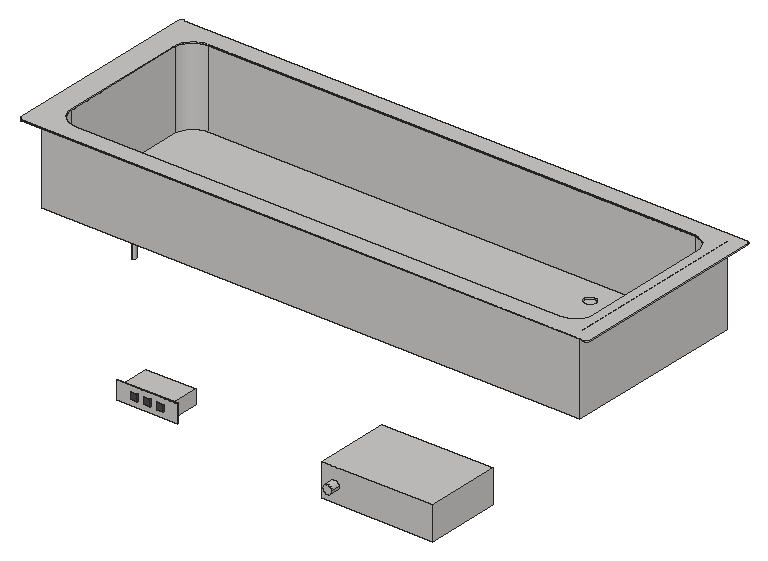
Revit family "QF_ELECTROLUXPROFESSIONAL_341091_D10R5", category Specialty Equipment, Revit 2018
Family settings
  Round Connector Dimension = Use Diameter
  Part Type = Normal
  Work Plane-Based = No
  Always vertical = Yes
  Cut with Voids When Loaded = No
  Shared = No
  Room Calculation Point = No
Parameters (values of type "341039.rfa")
  Weight = 43.40 kg
  Watts = 0 W
  Volts = 0 V
  URL Manufacturer = ""
  URL = ""
  Steam Supply Size = 0 mm
  Steam Supply Minimum Pressure = 0.0 Pa
  Steam Supply Maximum Pressure = 0.0 Pa
  Steam Pounds per Hour = 0
  Show Clearance [instance] = yes
  Remote Electrical Box_Z [instance] = 200.00 mm
  Remote Electrical Box_Y [instance] = 500.00 mm
  Remote Electrical Box_X [instance] = 1000.00 mm
  Refrigeration Suction Line Size = 0.042 mm
  Refrigeration Liquid Line Size = 0.031 mm
  Refrigerant Compressor Remote = yes
  Manufacturer = ""
  Phase = 0
  Model = ""
  Length Actual = 1740.00 mm  # constant formula
  Item Number = ""
  Hot Water Size = 0 mm
  Height Actual = 260.00 mm  # constant formula
  HP = "0 HP"
  Gas Size = 0 mm
  Gas KW = 0
  Gas Input Pressure = 0 W
  Direct Waste Size = 25.4 mm
  Description = ""
  Depth Actual = 620.00 mm  # constant formula
  Cycle = 0 Hz
  Controller_Y [instance] = 500.00 mm
  Controller_1Z [instance] = 200.00 mm
  Controller_1X [instance] = 300.00 mm
  Condensate Return Size = 0 mm
  Compressed Air Volume = 0.0 L/s
  Compressed Air Size = 0 mm
  Compressed Air Pressure = 0.0 Pa
  Cold Water Size = 0 mm
  Accessory = yes
Types (2, lengths in mm): name | Volts | URL Manufacturer | URL | Manufacturer | Phase | Model | Item Number | Description | Cycle
  341039.rfa | 0 V | "" | "" | "" | 0 | "" | "" | "" | 0 Hz
  Standard | 220 V | "http://professional.electrolux.com" | "http://professional.electrolux.com" | "Electrolux Professional" | 1 | "D10R5" | "341091" | "DROP-IN REMOTE, REFRIGERATED WELL, STATIC, 5GN" | 50 Hz
Reference planes
  plane 1 "Centro (Fronte/Retro)": y = 74.737
  plane 2: z = 0
  plane 3 "BACK": y = 384.737
  plane 4 "FRONT": y = -235.263
  plane 5 "RIGHT": x = 355.731
  plane 6 "LEFT": x = -1384.269
  plane 7: x = -514.269
  plane 8 "TOP": z = 900
  plane 9: y = 354.737
  plane 10: y = -205.263
  plane 11: x = 308.531
  plane 12: x = -1337.069
  plane 13: y = 329.737
  plane 14: y = -180.263
  plane 15: x = -1314.269
  plane 16: x = 285.731
  plane 17: z = 898
  plane 18: z = 658
  plane 19: z = 661
  plane 20: z = 265
  plane 21: x = -354.269
  plane 22: y = 349.537
  plane 23: y = -200.063
  plane 24: x = -1259.269
  plane 25: x = -809.269
  plane 26: y = 254.737
  plane 27 "1": x = -29.269
  plane 28: y = -165.263
  plane 29: y = 314.737
  plane 30: x = -1084.269
  plane 31: x = -384.269
  plane 32: y = -115.263
  plane 33: y = -115.263
  plane 34: z = 200
  plane 35: z = 200
Forms (mm)
  Extrusion 1, solid, material "QF_Finishes_Stainless Steel"
    sketch origin (0, 0, 900) x (-1, 0, 0) y (0, -1, 0)
      loop
        line (-308.531, -354.737) -> (1337.069, -354.737) -> (1337.069, 205.263) -> (-308.531, 205.263) -> (-308.531, -354.737)
    from -2 to -242
  Extrusion 2, void
    sketch origin (0, 0, 900) x (-1, 0, 0) y (0, -1, 0)
      loop
        line (1314.269, -273.737) -> (1314.269, 124.263)
        arc (1314.269, 124.263) -> (1297.867, 163.861) -> (1258.269, 180.263) r 56
        line (1258.269, 180.263) -> (-229.731, 180.263)
        arc (-229.731, 180.263) -> (-269.329, 163.861) -> (-285.731, 124.263) r 56
        line (-285.731, 124.263) -> (-285.731, -273.737)
        arc (-285.731, -273.737) -> (-269.329, -313.335) -> (-229.731, -329.737) r 56
        line (-229.731, -329.737) -> (1258.269, -329.737)
        arc (1258.269, -329.737) -> (1297.867, -313.335) -> (1314.269, -273.737) r 56
    from 0 to -239
  Extrusion 3, void
    sketch origin (-738.395, -193.95, 900) x (-1, 0, 0) y (0, -1, 0)
      loop
        circle (-709.126, -448.687) r 18
    from -243.6 to -239
  Extrusion 4, solid, material "QF_Finishes_Stainless Steel"
    sketch origin (0, 0, 900) x (-1, 0, 0) y (0, -1, 0)
      loop
        arc (1374.269, -384.737) -> (1381.34, -381.808) -> (1384.269, -374.737) r 10
        line (1384.269, -374.737) -> (1384.269, 225.263)
        arc (1384.269, 225.263) -> (1381.34, 232.334) -> (1374.269, 235.263) r 10
        line (1374.269, 235.263) -> (-345.731, 235.263)
        arc (-345.731, 235.263) -> (-352.802, 232.334) -> (-355.731, 225.263) r 10
        line (-355.731, 225.263) -> (-355.731, -374.737)
        arc (-355.731, -374.737) -> (-352.802, -381.808) -> (-345.731, -384.737) r 10
        line (-345.731, -384.737) -> (1374.269, -384.737)
      loop
        arc (1254.919, -329.737) -> (1296.885, -312.354) -> (1314.269, -270.387) r 59.35
        line (1314.269, -270.387) -> (1314.269, 120.913)
        arc (1314.269, 120.913) -> (1296.885, 162.88) -> (1254.919, 180.263) r 59.35
        line (1254.919, 180.263) -> (-229.731, 180.263)
        arc (-229.731, 180.263) -> (-269.329, 163.861) -> (-285.731, 124.263) r 56
        line (-285.731, 124.263) -> (-285.731, -273.737)
        arc (-285.731, -273.737) -> (-269.329, -313.335) -> (-229.731, -329.737) r 56
        line (-229.731, -329.737) -> (1254.919, -329.737)
    from 0 to -2
  Sweep 5, solid, material "QF_Finishes_Stainless Steel"
    path origin (-29.269, 0, 0) x (0, 1, 0) y (0, 0, 1)
      loop
        line (254.737, 658) -> (254.737, 630) -> (204.737, 630)
    profile origin (-29.269, 254.737, 644) x (1, 0, 0) y (0, 1, 0)
      loop
        circle (0, 0) r 18
  Extrusion 6, solid, material "QF_Finishes_Stainless Steel"
    sketch origin (-1392.332, 589.006, 746) x (0, -1, 0) y (1, 0, 0)
      loop
        circle (566.269, 155.263) r 6.35
    from -88 to -288
  Extrusion 7, solid, material "QF_Finishes_Stainless Steel"
    sketch origin (-1392.332, 589.006, 746) x (0, -1, 0) y (1, 0, 0)
      loop
        circle (466.269, 155.263) r 4.76
    from -88 to -238
Cuts and joins
  Extrusion 2, Extrusion 3 cuts Extrusion 1
Lines and regions (mm)
  symbolic lines
    curve 1: line (345.731, 384.737, 900) -> (-1374.269, 384.737, 900)
    curve 2: arc (-1374.269, 384.737, 900) -> (-1381.34, 381.808, 900) -> (-1384.269, 374.737, 900) r 10
    curve 3: line (-1384.269, 374.737, 900) -> (-1384.269, -225.263, 900)
    curve 4: arc (-1384.269, -225.263, 900) -> (-1381.34, -232.334, 900) -> (-1374.269, -235.263, 900) r 10
    curve 5: line (-1374.269, -235.263, 900) -> (345.731, -235.263, 900)
    curve 6: arc (345.731, -235.263, 900) -> (352.802, -232.334, 900) -> (355.731, -225.263, 900) r 10
    curve 7: line (355.731, -225.263, 900) -> (355.731, 374.737, 900)
    curve 8: arc (355.731, 374.737, 900) -> (352.802, 381.808, 900) -> (345.731, 384.737, 900) r 10
    curve 9: line (-1314.269, -124.263, 900) -> (-1314.269, 273.737, 900)
    curve 10: arc (-1314.269, 273.737, 900) -> (-1297.867, 313.335, 900) -> (-1258.269, 329.737, 900) r 56
    curve 11: line (-1258.269, 329.737, 900) -> (229.731, 329.737, 900)
    curve 12: arc (229.731, 329.737, 900) -> (269.329, 313.335, 900) -> (285.731, 273.737, 900) r 56
    curve 13: line (285.731, 273.737, 900) -> (285.731, -124.263, 900)
    curve 14: arc (285.731, -124.263, 900) -> (269.329, -163.861, 900) -> (229.731, -180.263, 900) r 56
    curve 15: line (229.731, -180.263, 900) -> (-1258.269, -180.263, 900)
    curve 16: arc (-1258.269, -180.263, 900) -> (-1297.867, -163.861, 900) -> (-1314.269, -124.263, 900) r 56
    curve 17: arc (-11.269, 254.737, 900) -> (-29.269, 272.737, 900) -> (-47.269, 254.737, 900) r 18
    curve 18: arc (-47.269, 254.737, 900) -> (-29.269, 236.737, 900) -> (-11.269, 254.737, 900) r 18
  symbolic lines, style "SpecialityEquipmentHiddenLines"
    curve 19: line (-1337.069, 354.737, 900) -> (308.531, 354.737, 900)
    curve 20: line (-1337.069, -205.263, 900) -> (-1337.069, 354.737, 900)
    curve 21: line (308.531, -205.263, 900) -> (-1337.069, -205.263, 900)
    curve 22: line (308.531, 354.737, 900) -> (308.531, -205.263, 900)
    curve 23: line (-1259.269, 314.737, 900) -> (-809.269, 314.737, 900)
    curve 24: line (-1259.269, -165.263, 900) -> (-1259.269, 314.737, 900)
    curve 25: line (-809.269, -165.263, 900) -> (-1259.269, -165.263, 900)
    curve 26: line (-809.269, 314.737, 900) -> (-809.269, -165.263, 900)
    curve 27: line (-994.269, 329.737, 0) -> (-994.269, -180.263, 0)
    curve 28: line (-674.269, 329.737, 0) -> (-674.269, -180.263, 0)
    curve 29: line (-354.269, 329.737, 0) -> (-354.269, -180.263, 0)
    curve 30: line (-34.269, 329.737, 0) -> (-34.269, -180.263, 0)
Dimensions and locks
  plane 6 "LEFT" to plane 5 "RIGHT" = 1740.00 mm
  equal spacing: plane 3 "BACK", plane 1 "Centro (Fronte/Retro)", plane 4 "FRONT"
  plane 3 "BACK" to plane 4 "FRONT" = 620.00 mm
  equal spacing: plane 6 "LEFT", plane 7, plane 5 "RIGHT"
  locked: plane 8 "TOP" to plane 2 at 900
  plane 6 "LEFT" to plane 12 = 47.20 mm
  plane 11 to plane 5 "RIGHT" = 47.20 mm
  locked: plane 3 "BACK" to plane 9 at 30
  locked: plane 10 to plane 4 "FRONT" at 30
  locked: plane 3 "BACK" to plane 13 at 55
  locked: plane 14 to plane 4 "FRONT" at 55
  locked: plane 6 "LEFT" to plane 15 at 70
  locked: plane 16 to plane 5 "RIGHT" at 70
  locked: plane 8 "TOP" to plane 17 at 2
  plane 8 "TOP" to plane 18 = 242.00 mm
  locked: plane 19 to plane 18 at 3
  plane 8 "TOP" to plane 20 = 635.00 mm
  plane 25 to plane 24 = 450.00 mm
  locked: plane 13 to plane 26 at 75
  plane 24 to plane 6 "LEFT" = 125.00 mm
  plane 15 to plane 16 = 1600.00 mm
  Extrusion 4 to Extrusion 4 = 510.00 mm
  equal spacing: plane 28, plane 1 "Centro (Fronte/Retro)", plane 29
  plane 28 to plane 29 = 480.00 mm
  "Controller_Y": plane 3 "BACK" to plane 33
  "Remote Electrical Box_Y": plane 3 "BACK" to plane 32
  "Controller_1X": plane 6 "LEFT" to plane 30
  "Remote Electrical Box_X": plane 6 "LEFT" to plane 31
  "Controller_1Z": plane 35 to plane 2
  "Remote Electrical Box_Z": plane 34 to plane 2
  aligned and locked: level to plane 2
  aligned and locked: Extrusion 1 sketch curve to plane 9
  aligned and locked: plane 11 to Extrusion 1 sketch curve
  aligned and locked: Extrusion 1 sketch curve to plane 10
  aligned and locked: Extrusion 1 sketch curve to plane 12
  aligned and locked: Extrusion 1 to plane 18
  aligned and locked: Extrusion 2 to plane 19
  aligned and locked: Extrusion 3 to plane 19
  aligned and locked: plane 6 "LEFT" to Extrusion 4 sketch curve
  aligned and locked: Extrusion 4 sketch curve to plane 3 "BACK"
  aligned and locked: Extrusion 4 sketch curve to plane 5 "RIGHT"
  aligned and locked: plane 4 "FRONT" to Extrusion 4 sketch curve
  aligned and locked: Extrusion 4 sketch curve to plane 16
  aligned and locked: Extrusion 4 sketch curve to plane 13
  aligned and locked: plane 15 to Extrusion 4 sketch curve
  aligned and locked: Extrusion 4 sketch curve to plane 14
  aligned and locked: Extrusion 4 to plane 17
  aligned and locked: plane 30 to nested 1
  aligned and locked: nested 2 to plane 31
  aligned and locked: plane 32 to nested 2
  aligned and locked: nested 1 to plane 33
  aligned and locked: plane 34 to nested 2
  aligned and locked: nested 1 to plane 35
Automatic sketch dimensions
  Extrusion 2 sketch curve to plane 13 = 56.00 mm
  Extrusion 2 sketch curve to plane 16 = 56.00 mm
  plane 14 to Extrusion 2 sketch curve = 56.00 mm
  plane 15 to Extrusion 2 sketch curve = 56.00 mm
  Extrusion 3 sketch curve to plane 26 = 0.00 mm
  Extrusion 2 sketch curve to plane 16 = 0.00 mm
  plane 14 to Extrusion 2 sketch curve = 0.00 mm
  Extrusion 2 sketch curve to plane 13 = 0.00 mm
  Extrusion 2 sketch curve to plane 15 = 0.00 mm
  Extrusion 4 sketch curve to plane 5 "RIGHT" = 10.00 mm
  Extrusion 4 sketch curve to plane 3 "BACK" = 10.00 mm  (x2)
  plane 24 to Extrusion 4 sketch curve = 4.35 mm  (x2)
  plane 6 "LEFT" to Extrusion 4 sketch curve = 10.00 mm
  Extrusion 3 sketch curve to plane 16 = 315.00 mm
  plane 26 to Extrusion 4 sketch curve = 19.00 mm
  Extrusion 4 sketch curve to Extrusion 4 sketch curve = 56.00 mm
  Sweep 5 sketch curve to plane 26 = 0.00 mm
  Sweep 5 sketch curve to plane 18 = 0.00 mm
  Sweep 5 sketch curve to plane 18 = 28.00 mm
  Sweep 5 sketch curve to Sweep 5 sketch curve = 50.00 mm
  Sweep 5 sketch curve to Sweep 5 sketch curve = 0.00 mm  (x2)
  profile plane to Sweep 5 sketch curve = 0.00 mm
  Sweep 5 sketch curve to plane 27 "1" = 0.00 mm
  Sweep 5 sketch curve to plane 27 "1" = 18.00 mm
  curve 17 to curve 18 = 0.00 mm  (x2)
  curve 7 to plane 5 "RIGHT" = 0.00 mm
  curve 5 to plane 4 "FRONT" = 0.00 mm
  curve 1 to plane 3 "BACK" = 0.00 mm
  plane 10 to curve 22 = 0.00 mm
  curve 22 to plane 11 = 0.00 mm
  curve 13 to plane 16 = 0.00 mm
  plane 13 to curve 11 = 0.00 mm
  plane 14 to curve 15 = 0.00 mm
  plane 26 to curve 18 = 0.00 mm
  curve 18 to plane 27 "1" = 0.00 mm
  curve 25 to plane 25 = 0.00 mm
  curve 25 to plane 24 = 0.00 mm
  curve 16 to plane 15 = 0.00 mm
  curve 19 to plane 9 = 0.00 mm
  curve 19 to plane 12 = 0.00 mm
  curve 4 to plane 6 "LEFT" = 0.00 mm
  curve 23 to plane 29 = 0.00 mm
  curve 24 to plane 28 = 0.00 mm
  curve 6 to curve 6 = 10.00 mm
  curve 1 to plane 5 "RIGHT" = 10.00 mm
  curve 11 to plane 16 = 56.00 mm
  plane 28 to curve 14 = 41.00 mm
  plane 24 to curve 15 = 1.00 mm
  plane 24 to curve 11 = 1.00 mm
  plane 6 "LEFT" to curve 1 = 10.00 mm
  plane 6 "LEFT" to curve 5 = 10.00 mm
  plane 27 "1" to curve 18 = 18.00 mm
  curve 27 to plane 14 = 0.00 mm
  curve 27 to plane 13 = 0.00 mm
  curve 28 to plane 14 = 0.00 mm
  curve 28 to plane 13 = 0.00 mm
  curve 29 to plane 14 = 0.00 mm
  curve 29 to plane 13 = 0.00 mm
  plane 14 to curve 30 = 0.00 mm
  plane 13 to curve 30 = 0.00 mm
  curve 27 to plane 25 = 185.00 mm
  curve 28 to plane 7 = 160.00 mm
  plane 21 to curve 29 = 0.00 mm
  curve 30 to plane 27 "1" = 5.00 mm
  plane 24 to Extrusion 6 sketch curve = 22.20 mm
  plane 1 "Centro (Fronte/Retro)" to Extrusion 6 sketch curve = 52.00 mm
  plane 24 to Extrusion 7 sketch curve = 22.20 mm
  Extrusion 7 sketch curve to plane 1 "Centro (Fronte/Retro)" = 48.00 mm
  radius of Extrusion 3 sketch curve = 18.00 mm
  radius of Extrusion 6 sketch curve = 6.35 mm
  radius of Extrusion 7 sketch curve = 4.76 mm
Nested families
  nested 1: "Controller" at (-1084.269, -115.263, 200), type "Controller"
  nested 2: "Remote_Electrical_Box" at (-384.269, -0.263, 100), type "Remote_Electrical_Box"
  nested 3: "Refrigerator" at (175.731, -45.263, 900), type "Refrigerator"
Connectors
  piping at (-29.269, 204.737, 630), diameter 36
    settings: on Sweep 5, index 1, connector inside diameter 609.6 mm, connector length 0.00 mm, flow factor 0, pipe flow 0.0 L/s, pressure drop 0.0 Pa, fitting loss kfactor 0, connector angle 0.00°, fixture units 0, engagement length 0.00 mm, angle of deflection 0.00°, flow configuration 1, flow direction 1, fitting loss method 0, system type 16, joint type 0, gender type 0, connector reference index -1, connector utility 0, adjustable connector no, is connector primary yes, connector description "Drain"
  electrical at (-514.269, -142.263, 149.381)
    settings: on nested 2, index 2, voltage 0 V, apparent load 0 VA, apparent load phase1 0 VA, apparent load phase2 0 VA, apparent load phase3 0 VA, power factor 1, load classification "Altro", number of poles 1, system type 14, power factor state 1, is connector primary yes, connector utility no, sub classification motor no, connector description ""
  piping at (-1237.069, 22.737, 458), diameter 12.7
    settings: on Extrusion 6, index 12, connector inside diameter 609.6 mm, connector length 0.00 mm, flow factor 0, pipe flow 0.0 L/s, pressure drop 0.0 Pa, fitting loss kfactor 0, connector angle 0.00°, fixture units 0, engagement length 0.00 mm, angle of deflection 0.00°, flow configuration 1, flow direction 1, fitting loss method 0, system type 22, joint type 0, gender type 0, connector reference index -1, connector utility 0, adjustable connector no, is connector primary no, connector description ""
  piping at (-1237.069, 122.737, 508), diameter 9.52
    settings: on Extrusion 7, index 13, connector inside diameter 609.6 mm, connector length 0.00 mm, flow factor 0, pipe flow 0.0 L/s, pressure drop 0.0 Pa, fitting loss kfactor 0, connector angle 0.00°, fixture units 0, engagement length 0.00 mm, angle of deflection 0.00°, flow configuration 1, flow direction 1, fitting loss method 0, system type 23, joint type 0, gender type 0, connector reference index -1, connector utility 0, adjustable connector no, is connector primary no, connector description ""
Definition of nested family "Controller"
  Reference planes
    plane 1 "Center (Front/Back)": y = 0
    plane 2: z = 0
    plane 3 "Center (Left/Right)": x = 0
  Forms (mm)
    Extrusion 1, solid
      sketch origin (0, 44.769, -48.2) x (1, 0, 0) y (0, 1, 0)
        loop
          line (-76, 43.231) -> (-76, -47.65) -> (76, -47.65) -> (76, 43.231) -> (-76, 43.231)
      from 6.2 to 48.2
    Extrusion 2, solid
      sketch origin (0, 44.769, -48.2) x (1, 0, 0) y (0, 0, 1)
        loop
          line (-92.25, 54.4) -> (-92.25, 0) -> (92.25, 0) -> (92.25, 54.4) -> (-92.25, 54.4)
        loop
          line (-76, 48.2) -> (-76, 6.2) -> (76, 6.2) -> (76, 48.2) -> (-76, 48.2)
      from 44.769 to 47.65
    Extrusion 3, solid
      sketch origin (76, -2.881, -48.2) x (-1, 0, 0) y (0, 0, -1)
        loop
          line (106, -37.2) -> (126, -37.2) -> (126, -17.2) -> (106, -17.2) -> (106, -37.2)
        loop
          line (66, -37.2) -> (86, -37.2) -> (86, -17.2) -> (66, -17.2) -> (66, -37.2)
        loop
          line (26, -37.2) -> (46, -37.2) -> (46, -17.2) -> (26, -17.2) -> (26, -37.2)
      from 0 to 2
    Extrusion 4, void
      sketch origin (0, 0, 0) x (1, 0, 0) y (0, 1, 0)
        loop
          line (76, 88) -> (-76, 88) -> (-76, 0) -> (76, 0) -> (76, 88)
      from 0 to -42
  Cuts and joins
    Extrusion 4 cuts Extrusion 2
    joined: Extrusion 1, Extrusion 2
  Lines and regions (mm)
    symbolic lines
      curve 1: line (-76, 88, 0) -> (-76, 0, 0)
      curve 2: line (76, 88, 0) -> (-76, 88, 0)
      curve 3: line (76, 0, 0) -> (76, 88, 0)
      curve 4: line (-92.25, -2.881, 0) -> (92.25, -2.881, 0)
      curve 5: line (-92.25, 0, 0) -> (-92.25, -2.881, 0)
      curve 6: line (92.25, 0, 0) -> (-92.25, 0, 0)
      curve 7: line (92.25, -2.881, 0) -> (92.25, 0, 0)
  Dimensions and locks
    aligned and locked: level to plane 2
Definition of nested family "Remote_Electrical_Box"
  Parameters (values of type "Remote_Electrical_Box")
    Default Elevation = 1219.20 mm
  Reference planes
    plane 1 "Center (Front/Back)": y = 0
    plane 2: z = 0
    plane 3 "Center (Left/Right)": x = 0
    plane 4: x = -170
    plane 5: x = 170
    plane 6: y = 115
    plane 7: y = -115
    plane 8: z = 100
    plane 9: z = 50
  Forms (mm)
    Extrusion 1, solid
      sketch origin (0, 0, 0) x (1, 0, 0) y (0, 1, 0)
        loop
          line (-170, 115) -> (-170, -115) -> (170, -115) -> (170, 115) -> (-170, 115)
      from 0 to 100
    Extrusion 2, solid
      sketch origin (0, 0, 0) x (1, 0, 0) y (0, 0, 1)
        loop
          circle (-130, 49.381) r 13
      from 115 to 142
  Lines and regions (mm)
    symbolic lines
      curve 1: line (-170, 115, 0) -> (170, 115, 0)
      curve 2: line (-170, -115, 0) -> (-170, 115, 0)
      curve 3: line (170, -115, 0) -> (-170, -115, 0)
      curve 4: line (170, 115, 0) -> (170, -115, 0)
      curve 5: line (-143, -142, 0) -> (-117, -142, 0)
      curve 6: line (-143, -142, 0) -> (-143, -115, 0)
      curve 7: line (-117, -142, 0) -> (-117, -115, 0)
  Dimensions and locks
    equal spacing: plane 4, plane 3 "Center (Left/Right)", plane 5
    equal spacing: plane 6, plane 1 "Center (Front/Back)", plane 7
    plane 4 to plane 5 = 340.00 mm
    plane 6 to plane 7 = 230.00 mm
    Extrusion 1 to Extrusion 2 sketch curve = 40.00 mm
    equal spacing: plane 8, plane 9, plane 2
    aligned and locked: level to plane 2
    aligned and locked: Extrusion 1 sketch curve to plane 6
    aligned and locked: plane 4 to Extrusion 1 sketch curve
    aligned and locked: plane 7 to Extrusion 1 sketch curve
    aligned and locked: Extrusion 1 sketch curve to plane 5
    aligned and locked: plane 7 to Extrusion 2
    aligned and locked: plane 8 to Extrusion 1
  Automatic sketch dimensions
    level to Extrusion 2 sketch curve = 49.381 mm
    curve 3 to plane 4 = 0.00 mm
    curve 7 to plane 7 = 0.00 mm
    curve 3 to plane 5 = 0.00 mm
    curve 2 to plane 6 = 0.00 mm
    plane 4 to curve 6 = 27.00 mm
    curve 5 to curve 6 = 27.00 mm
    curve 6 to curve 7 = 26.00 mm
    radius of Extrusion 2 sketch curve = 13.00 mm
Definition of nested family "Refrigerator"
  Reference planes
    plane 1 "Center (Front/Back)": y = 0
    plane 2: z = 0
    plane 3 "Center (Left/Right)": x = 0
  Lines and regions (mm)
    detail lines, in view "Ref. Level"
      curve 1: line (0, -60, 0) -> (0, 60, 0)
      curve 2: line (-51.962, 30, 0) -> (51.962, -30, 0)
      curve 3: line (-51.962, -30, 0) -> (51.962, 30, 0)
      curve 4: line (19.116, 56.873, 0) -> (0, 35, 0)
      curve 5: line (0, 35, 0) -> (-19.116, 56.873, 0)
      curve 6: line (-30.311, 17.5, 0) -> (-40, 45.883, 0)
      curve 7: line (-59.736, 11.7, 0) -> (-30.311, 17.5, 0)
      curve 8: line (-30.311, -17.5, 0) -> (-59.736, -11.7, 0)
      curve 9: line (-40, -45.883, 0) -> (-30.311, -17.5, 0)
      curve 10: line (0, -35, 0) -> (-19.116, -56.873, 0)
      curve 11: line (19.116, -56.873, 0) -> (0, -35, 0)
      curve 12: line (30.311, -17.5, 0) -> (39.696, -44.992, 0)
      curve 13: line (58.812, -11.882, 0) -> (30.311, -17.5, 0)
      curve 14: line (30.311, 17.5, 0) -> (58.812, 11.882, 0)
      curve 15: line (39.696, 44.992, 0) -> (30.311, 17.5, 0)
